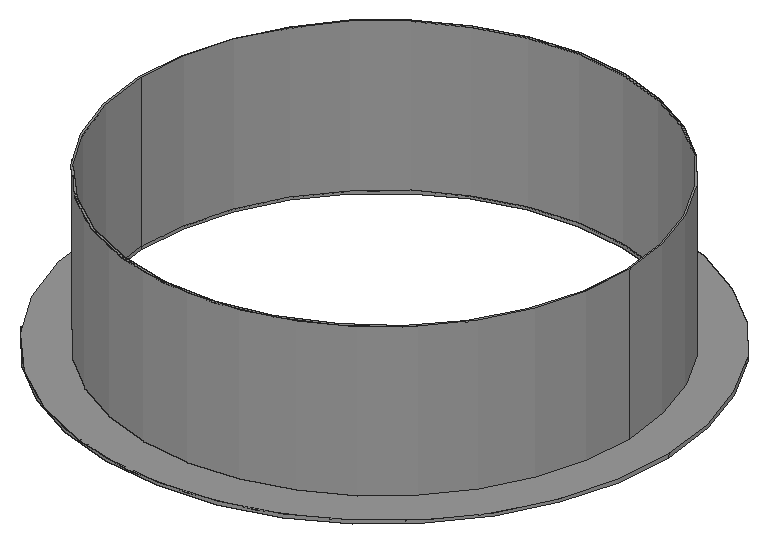
Revit family "НЕВАТОМ_Ниппельный патрубок VR-KP, Версия 1", category Обобщенные модели, Revit 2017
Family settings
  Может служить основой для арматурных стержней = Нет
  Размер круглого соединителя = Использовать диаметр
  Тип детали = Нормальный
  На основе рабочей плоскости = Нет
  Всегда вертикально = Да
  При загрузке вырезать с полостями = Нет
  Общий = Нет
  Точка расчета площади = Нет
Parameters (values of type "Ниппельный патрубок VR-KP")
  Ниппель = "НЕВАТОМ_Ниппельный патрубок VR-KP"  # constant formula
  Материал = Сталь оцинкованная
  t = 2 mm
  Nevatom_URL = "https://t.me/NEVATOM_Bim_bot"
  L = size_lookup(Ниппель, "L", 100 mm, VRKP)  # 100 mm
  D2 = size_lookup(Ниппель, "D2", 317 mm, VRKP)  # 317 mm
  D1 = size_lookup(Ниппель, "D1", 368 mm, VRKP)  # 368 mm
  VRKP = 250 mm
  D = size_lookup(Ниппель, "D", 315 mm, VRKP)  # 315 mm
  ADSK_Примечание = ""
  ADSK_Обозначение = ADSK_Наименование  # "Ниппельный патрубок VR-KP 250"
  ADSK_Наименование = size_lookup(Ниппель, "", "Ниппельный патрубок VR-KP 250", VRKP)  # "Ниппельный патрубок VR-KP 250"
  ADSK_Масса = size_lookup(Ниппель, "M", 1.6, VRKP)  # 1.6
  ADSK_Марка = ""
  ADSK_Количество = 0
  ADSK_Код изделия = ""
  ADSK_Завод-изготовитель = "НЕВАТОМ"
  ADSK_Единица измерения = "шт."
Reference planes
  plane 1 "По центру (Вперед/Назад)": y = 0
  plane 2: z = 0
  plane 3 "По центру (Влево/Вправо)": x = 0
Forms (mm)
  Extrusion 1, solid, material "Сталь оцинкованная" <- "Материал"
    sketch origin (0, 0, 0) x (1, 0, 0) y (0, 1, 0)
      loop
        circle (0, 0) r 184
    from 0 to 2 <- "t"
  Extrusion 2, solid, material "Сталь оцинкованная" <- "Материал"
    sketch origin (0, 0, 0) x (1, 0, 0) y (0, 1, 0)
      loop
        circle (0, 0) r 158.5
    from 2 <- "t" to 100 <- "L"
  Extrusion 3, void
    sketch origin (0, 0, 0) x (1, 0, 0) y (0, 1, 0)
      loop
        circle (0, 0) r 157.5
    from 0 to 100 <- "L"
Cuts and joins
  Extrusion 3 cuts Extrusion 1
  Extrusion 3 cuts Extrusion 2
Dimensions and locks
  Extrusion 2 to Extrusion 1 = 100 mm
  "D1": diameter of Extrusion 1 sketch curve
  "D2": diameter of Extrusion 2 sketch curve
  "D": diameter of Extrusion 3 sketch curve
  aligned and locked: level to plane 2
Automatic sketch dimensions
  plane 1 "По центру (Вперед/Назад)" to Extrusion 1 sketch curve = 0 mm
  Extrusion 1 sketch curve to plane 3 "По центру (Влево/Вправо)" = 0 mm
  plane 1 "По центру (Вперед/Назад)" to Extrusion 2 sketch curve = 0 mm
  Extrusion 2 sketch curve to plane 3 "По центру (Влево/Вправо)" = 0 mm
  plane 1 "По центру (Вперед/Назад)" to Extrusion 3 sketch curve = 0 mm
  Extrusion 3 sketch curve to plane 3 "По центру (Влево/Вправо)" = 0 mm
Connectors
  hvac at (0, 0, 0), driven by "D"
    settings: on cut or joined group of Extrusion 1, Extrusion 3, index 1, duct flow 0.0 L/s, flow factor 0, pres drop 0.0 Pa, loss coef 0, conn angle 0.00°, conn width 304.8 mm, conn height 304.8 mm, conn diameter 315 mm, duct sys type 1, conn prof type 0, flow config 0, flow direction 0, loss method 0, conn ref index 2, conn util no, is conn primary yes, conn desc ""
  hvac at (0, 0, 100), driven by "D"
    settings: on cut or joined group of Extrusion 2, Extrusion 3, index 2, duct flow 0.0 L/s, flow factor 0, pres drop 0.0 Pa, loss coef 0, conn angle 0.00°, conn width 304.8 mm, conn height 304.8 mm, conn diameter 315 mm, duct sys type 1, conn prof type 0, flow config 0, flow direction 0, loss method 0, conn ref index 1, conn util no, is conn primary no, conn desc ""
